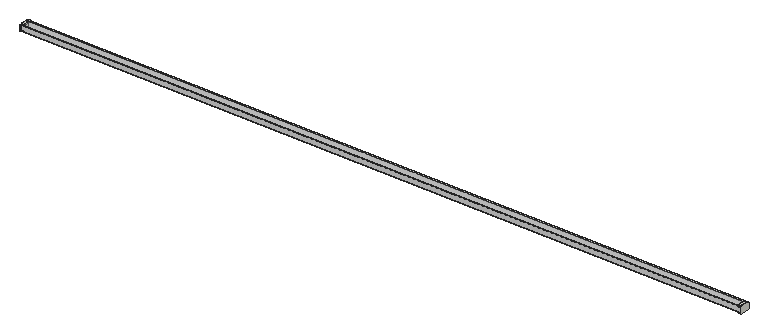
Revit family "3036975+3036928 Sylvania Lighting Fixture LUMISTRIP HO IP65 5M NW with LUMISTRIP ALU PROFILE OPAL 2M", category Lighting Fixtures, host Face, Revit 2017
Family settings
  Host = Face
  Round Connector Dimension = Use Diameter
  Part Type = Normal
  OmniClass Number = 23.80.70.00
  OmniClass Title = Lighting
  Cut with Voids When Loaded = No
  Light Source = Yes
  Shared = No
  Room Calculation Point = No
Parameters (values of type "3036975+3036928 LUMISTRIP HO IP65 5M NW with LUMISTRIP ALU PROFILE OPAL 2M")
  Weight = ""
  Wattage Comments = "n/a"
  Wattage = 0 W
  WarrantyStartDate [instance] = "n/a"
  WarrantyGuarantorParts = "n/a"
  WarrantyDurationUnit = "n/a"
  WarrantyDurationParts = "n/a"
  WarrantyDescription = "n/a"
  built-in parameter 1150110 = 1 (stored number, unit not read)
  Voltage = 24 V
  URL = "http://www.sylvania-lighting.com"
  TypeName = "LUMISTRIP HO IP65 5M NW with LUMISTRIP ALU PROFILE OPAL 2M"
  Type Image = <None>
  Type Comments = "n/a"
  built-in parameter 1114217 = 1 (stored number, unit not read)
  Tilt Angle = -90.00°
  built-in parameter 1150109 = 1 (stored number, unit not read)
  built-in parameter 1150134 = 12
  built-in parameter 1150113 = 1 (stored number, unit not read)
  SerialNumber [instance] = "n/a"
  ReflectorMaterial = none
  PowerFactor = 0
  PowerConsumption = ""
  Photometric Web File = "3036975.ies"
  NominalLength = 5000 mm
  NominalHeight = 4 mm
  NominalDepth = 14 mm
  Name = "LUMISTRIP HO IP65 5M NW with LUMISTRIP ALU PROFILE OPAL 2M"
  ModelReference = Name  # "LUMISTRIP HO IP65 5M NW with LUMISTRIP ALU PROFILE OPAL 2M"
  ModelNumber = "3036975+3036928"
  Model = Name  # "LUMISTRIP HO IP65 5M NW with LUMISTRIP ALU PROFILE OPAL 2M"
  Material = "silicon housing, silicon diffuser"
  ManufacturerName = "Feilo Sylvania"
  Manufacturer = "Feilo Sylvania"
  LuminousEfficacy = "85.60 lm/W"
  built-in parameter 1150105 = (empty or 0)
  Lumens = 0 lm
  LuminaireType = ""
  built-in parameter 1150115 = 1 (stored number, unit not read)
  LightOutputRatio = "100"
  built-in parameter 1150137 = (empty or 0)
  built-in parameter 1150139 = (empty or 0)
  LampsType = Lamp  # "LED"
  LampNominalLuminous = ""
  LampMacAdamStep = "n/a"
  LampColourTemperature = "4000 K"
  LampColourRenderingIndex = "80"
  built-in parameter 1150112 = 1 (stored number, unit not read)
  built-in parameter 1150114 = 1 (stored number, unit not read)
  Lamp = "LED"
  Keynote = "16500"
  InstallationDate [instance] = "n/a"
  InputVoltage = "24V DC"
  InputNominalFrequency = "n/a"
  built-in parameter 1150132 = (empty or 0)
  built-in parameter 1150102 = (empty or 0)
  built-in parameter 1150107 = 4000 (stored number, unit not read)
  built-in parameter 1150138 = (empty or 0)
  IngressProtection = "IP65"
  ImpactProtectionIndex = "n/a"
  built-in parameter 1150106 = (empty or 0)
  IfcExportType = "IfcLightFixtureType"
  IfcExportAs = "IfcLightFixtureType"
  ExpectedLife = 50000
  EndCapOverhangL_FEILO = 6 mm
  EndCapOverhangR_FEILO = -EndCapOverhangL_FEILO  # -6 mm
  Emit from Rectangle Width = BodyWidth_FEILO  # 25 mm
  Emit from Rectangle Length = BodyLength_FEILO - 16 mm  # 1984 mm
  Emit Shape Visible in Rendering = no
  ElectricShockClassification = "Class III"
  built-in parameter 1150104 = 7.9534 (stored number, unit not read)
  DurationUnit = "hours"
  DocumentationLiterature = "http://www.sylvania-lighting.com/product/en-int/products/3036975"
  DimmingControlOptions = "n/a"
  Dimming Lamp Color Temperature Shift = <None>
  DiffuserMaterial = Diffuser-Sylvania-Lumistrip-Transparent
  DiffuserCutOff_FEILO = 8 mm
  Description = ""
  Default Elevation = 1219.2 mm
  CreatedOn = "6/22/2018"
  CreatedBy = ""
  Cost = 0
  Color Filter = 16777215
  built-in parameter 1114216 [instance] = (empty or 0)
  ClassificationValue = "EF_70_80"
  ClassificationName = "Uniclass2015"
  BodyWidth_FEILO = 25 mm
  BodyThickness_FEILO = 1.2 mm
  BodyMaterial = Body-Sylvania-Lumistrip-Aluminium
  BodyLength_FEILO = 2000 mm
  BodyHeight_FEILO = 18.5 mm
  BodyFilletBottom_FEILO = BodyThickness_FEILO  # 1.2 mm
  BodyFilletTop_FEILO = BodyThickness_FEILO / 2  # 0.6 mm
  BarCode [instance] = "n/a"
  built-in parameter 1114218 = 1 (stored number, unit not read)
  built-in parameter 1150133 = 10 (stored number, unit not read)
  AssetType = "Fixed"
  AssetIdentifier [instance] = "n/a"
  Assembly Code = "D5020200"
  Apparent Load = 82 VA
  AccessoryMaterial = Body-Sylvania-Lumistrip-PC
Reference planes
  plane 1 "Center (Front/Back)": y = 0
  plane 2: z = 0
  plane 3 "Center (Left/Right)": x = 0
  plane 4: x = 1000
  plane 5: x = -1000
  plane 6: y = 12.5
  plane 7: y = -12.5
  plane 8: z = 18.5
  plane 9: z = 17
  plane 10: x = -998
  plane 11: x = 998
  plane 12: y = -11.3
  plane 13: y = 11.3
  plane 14: z = 1.2
  plane 15: z = 16.4
  plane 16: x = -992
  plane 17: x = 992
  plane 18: z = 15
Forms (mm)
  Extrusion 1, solid, material "Body-Sylvania-Lumistrip-Aluminium" <- "BodyMaterial"
    sketch origin (0, 0, 0) x (0, 1, 0) y (0, 0, 1)
      loop
        arc (11.3, 0) -> (12.149, 0.351) -> (12.5, 1.2) r 1.2
        line (12.5, 1.2) -> (12.5, 16.4)
        arc (12.5, 16.4) -> (11.9, 17) -> (11.3, 16.4) r 0.6
        line (11.3, 16.4) -> (11.3, 1.2) -> (-11.3, 1.2) -> (-11.3, 16.4)
        arc (-11.3, 16.4) -> (-11.9, 17) -> (-12.5, 16.4) r 0.6
        line (-12.5, 16.4) -> (-12.5, 1.2)
        arc (-12.5, 1.2) -> (-12.149, 0.351) -> (-11.3, 0) r 1.2
        line (-11.3, 0) -> (11.3, 0)
    from -998 to 998
  Extrusion 2, solid, material "Diffuser-Sylvania-Lumistrip-Transparent" <- "DiffuserMaterial"
    sketch origin (0, 0, 0) x (0, 1, 0) y (0, 0, 1)
      loop
        line (-11.3, 16.4) -> (-11.3, 15) -> (11.3, 15) -> (11.3, 16.4)
        arc (11.3, 16.4) -> (0, 18.5) -> (-11.3, 16.4) r 31.452
    from -992 to 992
  Extrusion 3, solid, material "Body-Sylvania-Lumistrip-PC" <- "AccessoryMaterial"
    sketch origin (-1000, 1524, 1219.2) x (0, 1, 0) y (0, 0, 1)
      loop
        arc (-1512.274, -1202.968) -> (-1524.257, -1200.701) -> (-1536.202, -1203.163) r 31.452
        arc (-1536.202, -1203.163) -> (-1536.423, -1203.532) -> (-1536.5, -1203.955) r 1.2
        line (-1536.5, -1203.955) -> (-1536.5, -1218)
        arc (-1536.5, -1218) -> (-1536.149, -1218.849) -> (-1535.3, -1219.2) r 1.2
        line (-1535.3, -1219.2) -> (-1512.7, -1219.2)
        arc (-1512.7, -1219.2) -> (-1511.851, -1218.849) -> (-1511.5, -1218) r 1.2
        line (-1511.5, -1218) -> (-1511.5, -1204.112)
        arc (-1511.5, -1204.112) -> (-1511.712, -1203.422) -> (-1512.274, -1202.968) r 1.234
    from 0 to 2
  Extrusion 4, solid, material "Body-Sylvania-Lumistrip-PC" <- "AccessoryMaterial"
    sketch origin (-998, 1524, 1219.2) x (0, 1, 0) y (0, 0, 1)
      loop
        line (-1535.3, -1204.2) -> (-1512.7, -1204.2) -> (-1512.7, -1202.8)
        arc (-1512.7, -1202.8) -> (-1524, -1200.7) -> (-1535.3, -1202.8) r 31.452
        line (-1535.3, -1202.8) -> (-1535.3, -1204.2)
    from 0 to 6 <- "EndCapOverhangL_FEILO"
  Extrusion 5, solid, material "Body-Sylvania-Lumistrip-PC" <- "AccessoryMaterial"
    sketch origin (1000, 1524, 1219.2) x (0, 1, 0) y (0, 0, 1)
      loop
        line (-1535.3, -1219.2) -> (-1512.7, -1219.2)
        arc (-1512.7, -1219.2) -> (-1511.851, -1218.849) -> (-1511.5, -1218) r 1.2
        line (-1511.5, -1218) -> (-1511.5, -1204.09)
        arc (-1511.5, -1204.09) -> (-1511.706, -1203.418) -> (-1512.252, -1202.977) r 1.2
        arc (-1512.252, -1202.977) -> (-1524, -1200.7) -> (-1535.748, -1202.977) r 31.452
        arc (-1535.748, -1202.977) -> (-1536.294, -1203.418) -> (-1536.5, -1204.09) r 1.2
        line (-1536.5, -1204.09) -> (-1536.5, -1218)
        arc (-1536.5, -1218) -> (-1536.149, -1218.849) -> (-1535.3, -1219.2) r 1.2
    from 0 to -2
  Extrusion 6, solid, material "Body-Sylvania-Lumistrip-PC" <- "AccessoryMaterial"
    sketch origin (998, 1524, 1219.2) x (0, 1, 0) y (0, 0, 1)
      loop
        line (-1535.3, -1204.2) -> (-1512.7, -1204.2) -> (-1512.7, -1202.8)
        arc (-1512.7, -1202.8) -> (-1524, -1200.7) -> (-1535.3, -1202.8) r 31.452
        line (-1535.3, -1202.8) -> (-1535.3, -1204.2)
    from 0 to -6 <- "EndCapOverhangR_FEILO"
Cuts and joins
  joined: Extrusion 3, Extrusion 4
  joined: Extrusion 5, Extrusion 6
Dimensions and locks
  "BodyLength_FEILO": plane 5 to plane 4
  equal spacing: plane 5, plane 3 "Center (Left/Right)", plane 4
  "BodyWidth_FEILO": plane 7 to plane 6
  plane 7 to plane 6 = 25 mm
  "BodyHeight_FEILO": plane 8 to plane 2
  locked: plane 9 to plane 8 at 1.5
  equal spacing: plane 10, plane 3 "Center (Left/Right)", plane 11
  locked: plane 5 to plane 10 at 2
  equal spacing: plane 12, plane 1 "Center (Front/Back)", plane 13
  "BodyThickness_FEILO": plane 7 to plane 12
  "BodyThickness_FEILO": plane 14 to plane 2
  "BodyFilletTop_FEILO": plane 15 to plane 9
  "BodyFilletTop_FEILO": plane 7 to Extrusion 1 sketch curve
  "BodyFilletTop_FEILO": plane 13 to Extrusion 1 sketch curve
  equal spacing: plane 16, plane 3 "Center (Left/Right)", plane 17
  "DiffuserCutOff_FEILO": plane 5 to plane 16
  locked: plane 18 to plane 9 at 2
  locked: Extrusion 2 sketch curve to plane 8 at 31.452
  "BodyFilletBottom_FEILO": radius of Extrusion 1 sketch curve  (x2)
  "BodyFilletBottom_FEILO": radius of Extrusion 3 sketch curve  (x3)
  radius of Extrusion 3 sketch curve = 1.234 mm
  "BodyFilletBottom_FEILO": radius of Extrusion 5 sketch curve  (x4)
  aligned and locked: plane 2 to host face
  aligned and locked: level to host face
  aligned and locked: level to Extrusion 1 sketch curve
  aligned and locked: plane 12 to Extrusion 1 sketch curve  (x2)
  aligned and locked: plane 14 to Extrusion 1 sketch curve
  aligned and locked: plane 6 to Extrusion 1 sketch curve
  aligned and locked: plane 11 to Extrusion 1
  aligned and locked: Extrusion 1 to plane 10
  aligned and locked: plane 15 to Extrusion 1 sketch curve  (x6)
  aligned and locked: Extrusion 1 sketch curve to plane 7
  aligned and locked: Extrusion 1 sketch curve to plane 13
  aligned and locked: Extrusion 1 to Extrusion 2 sketch curve
  aligned and locked: plane 18 to Extrusion 2 sketch curve
  aligned and locked: Extrusion 2 sketch curve to plane 13
  aligned and locked: plane 1 "Center (Front/Back)" to Extrusion 2 sketch curve
  aligned and locked: plane 17 to Extrusion 2
  aligned and locked: Extrusion 2 to plane 16
  aligned and locked: Extrusion 3 sketch curve to Extrusion 2
  aligned and locked: Extrusion 1 to Extrusion 3 sketch curve  (x3)
  aligned and locked: plane 10 to Extrusion 3
  aligned and locked: Extrusion 3 to plane 5
  aligned and locked: Extrusion 4 sketch curve to Extrusion 2  (x4)
  aligned and locked: Extrusion 4 to plane 10
  aligned and locked: Extrusion 5 sketch curve to plane 6
  aligned and locked: Extrusion 5 sketch curve to level
  aligned and locked: Extrusion 5 sketch curve to Extrusion 2
  aligned and locked: Extrusion 5 to plane 11
  aligned and locked: plane 4 to Extrusion 5
  aligned and locked: Extrusion 6 sketch curve to cut or joined group of Extrusion 3, Extrusion 4  (x4)
  aligned and locked: plane 11 to Extrusion 6
  aligned and locked: imposter light to plane 8
  aligned and locked: imposter light to plane 1 "Center (Front/Back)"
  aligned and locked: plane 3 "Center (Left/Right)" to imposter light
Automatic sketch dimensions
  host sketch curve to host sketch curve = 2438.4 mm  (x2)
  plane 15 to Extrusion 2 sketch curve = 0 mm
  Extrusion 3 sketch curve to plane 18 = 0.088 mm
  Extrusion 3 sketch curve to plane 18 = 0.245 mm
  Extrusion 5 sketch curve to plane 7 = 0 mm
  Extrusion 5 sketch curve to plane 18 = 0.11 mm  (x2)
Connectors
  electrical at (0, 0, 0), driven by "Apparent Load", driven by "PowerFactor", driven by "Voltage"
    settings: index 1, voltage 24 V, apparent load 82 VA, apparent load phase1 0 VA, apparent load phase2 0 VA, apparent load phase3 0 VA, power factor 0, load classification "Lighting", number of poles 1, system type 30, power factor state 1, is connector primary yes, connector utility no, sub classification motor no, connector description ""
